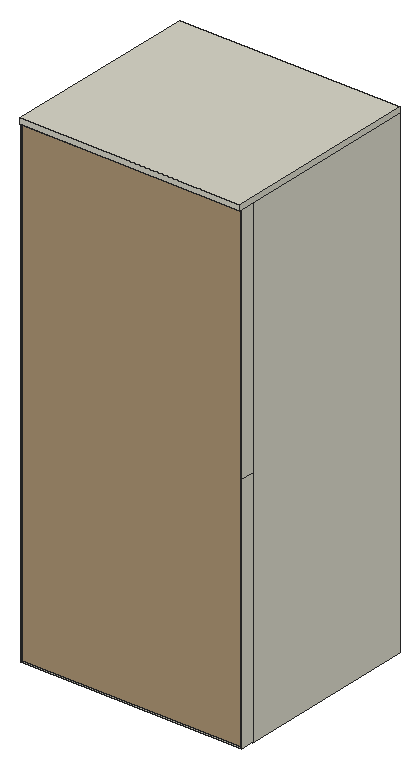
Revit family "bathroom vanity-hansgrohe-54213XXX-Xevolos E Mid-height cabinet Sand Matt Beige 400_360, door hinge left", category Furniture, Revit 2019
Family settings
  OmniClass Number = 23.40.00.00
  OmniClass Title = Equipment and Furnishings
  Work Plane-Based = No
  Always vertical = Yes
  Cut with Voids When Loaded = No
  Shared = Yes
  Room Calculation Point = No
Parameters (values of type "54213390-SAND_MATT_BEIGE-PATTEREND_BRONZE-200")
  etim7_EC011381 = "EC011381"
  WEIGHT = "22.5"
  UNSPSC = "56 | Furniture and Furnishings"
  UNIFORMATII = "E2010 | Fixed Furnishings"
  UNICLASS_2015_CODE = "40_30_78_05"
  UNICLASS2015 = "Pr_40_30_78_05 | Bathroom furniture"
  SURFACE = "PATTEREND_BRONZE"
  REGION = "Worldwide"
  PRODUCTURL = "https://pro.hansgrohe.com/articledetail--54213790"
  PERMALINK = "54213XXX"
  OMNICLASS = "23-21 19 15 33 13 | Residential Bathroom Specialty Casework"
  OBJECTTYPE = "Object (single object)"
  OBERFLAECHE = "SAND_MATT_BEIGE"
  NN = "Mid-height cabinet, door hinge"
  NBSYN = "$ARTNR.-$OBERFLAECHE.-$SURFACE.-$LODLEVEL."
  NB = "54213390-SAND_MATT_BEIGE-PATTEREND_BRONZE-200"
  NAME = "Xevolos E Mid-height cabinet Sand Matt Beige 400/360, door hinge left"
  Model = "54213390-SAND_MATT_BEIGE-PATTEREND_BRONZE-200"
  Manufacturer = "Hansgrohe"
  MIdent = "{$CADENAS_DATA/23d-libs/hansgrohe/xevolos_furniture/xevolos_mid-height_cabinet_door_hinge/mid-height_cabinet_door_hinge.prj},262 {VTYP=3D},{NB=54213390-SAND_MATT_BEIGE-PATTEREND_BRONZE-200},{LINA=54213390-SAND_MATT_BEIGE-PATTEREND_BRONZE-200},{NN=Mid-height cabinet, door hinge},{DATE=13.03.2023 11:42:53},{GEOMDATE=12.03.2023 06:48:00},{VERSION=},{LINEID=40},{WBVAR=LODLEVEL},{WBNUMERIC=}  {NB=54213390-SAND_MATT_BEIGE-PATTEREND_BRONZE-200},{LINA=54213390-SAND_MATT_BEIGE-PATTEREND_BRONZE-200},{KT=DUMMY},{IDNR=4},{ARTNR=54213390},{BASENUMBER=54213},{MODEL=54213XXX},{OBERFLAECHE=SAND_MATT_BEIGE},{SURFACE=PATTEREND_BRONZE},{L=400},{LODLEVEL=200},{LODLEVELX='400','400','200','200'},{NAME=Xevolos E Mid-height cabinet Sand Matt Beige 400/360, door hinge left},{PERMALINK=54213XXX},{OBJECTTYPE=Object (single object)},{BIMOBJECT=Sanitary: Compound units},{COLLECTIONSET=Xevolos E},{COLLECTION=bathroom vanity},{WEIGHT=22.5},{DESCRIPTION=Xevolos E Mid-height cabinet Sand Matt Beige 400/360, door hinge left},{PRODUCTURL=https://pro.hansgrohe.com/articledetail--54213790},{GTINCODE=0},{TENDERURL=0},{IFC=Furnishing element},{ETIM=EC011381 | Bathroom furniture set},{UNICLASS2015=Pr_40_30_78_05 | Bathroom furniture},{OMNICLASS=23-21 19 15 33 13 | Residential Bathroom Specialty Casework},{MASTERFORMAT=12 35 30.23 | Bathroom Casework},{UNSPSC=56 | Furniture and Furnishings},{UNIFORMATII=E2010 | Fixed Furnishings},{REGION=Worldwide},{DESIGN=Germany},{MANUFACTURER=Germany}"
  MASTERFORMAT = "12 35 30.23 | Bathroom Casework"
  LODLEVEL = "200"
  LINA = "54213390-SAND_MATT_BEIGE-PATTEREND_BRONZE-200"
  L = 400
  IFC = "Furnishing element"
  IDNR = 4
  ETIM = "EC011381 | Bathroom furniture set"
  DESIGN = "Germany"
  COLLECTIONSET = "Xevolos E"
  COLLECTION = "bathroom vanity"
  CATALOG = "Hansgrohe"
  BIMOBJECT = "Sanitary: Compound units"
  BASENUMBER = "54213"
  ARTNR = "54213390"
  54213790-SAND_MATT_BEIGE-METALLIC_SAND_BEIGE-400_RX0RY0RZ0TX0TY0TZ0_V = no
  54213790-SAND_MATT_BEIGE-METALLIC_SAND_BEIGE-200_RX0RY0RZ0TX0TY0TZ0_V = no
  54213730-SAND_MATT_BEIGE-DARK_OAK-400_RX0RY0RZ0TX0TY0TZ0_V = no
  54213730-SAND_MATT_BEIGE-DARK_OAK-200_RX0RY0RZ0TX0TY0TZ0_V = no
  54213390-SAND_MATT_BEIGE-PATTEREND_BRONZE-400_RX0RY0RZ0TX0TY0TZ0_V = no
  54213390-SAND_MATT_BEIGE-PATTEREND_BRONZE-200_RX0RY0RZ0TX0TY0TZ0_V = yes
Types (6, lengths in mm): name | SURFACE | NB | Model | MIdent | LODLEVEL | LINA | IDNR | ARTNR | 54213790-SAND_MATT_BEIGE-METALLIC_SAND_BEIGE-400_RX0RY0RZ0TX0TY0TZ0_V | 54213790-SAND_MATT_BEIGE-METALLIC_SAND_BEIGE-200_RX0RY0RZ0TX0TY0TZ0_V | 54213730-SAND_MATT_BEIGE-DARK_OAK-400_RX0RY0RZ0TX0TY0TZ0_V | 54213730-SAND_MATT_BEIGE-DARK_OAK-200_RX0RY0RZ0TX0TY0TZ0_V | 54213390-SAND_MATT_BEIGE-PATTEREND_BRONZE-400_RX0RY0RZ0TX0TY0TZ0_V | 54213390-SAND_MATT_BEIGE-PATTEREND_BRONZE-200_RX0RY0RZ0TX0TY0TZ0_V
  54213390-SAND_MATT_BEIGE-PATTEREND_BRONZE-200 | "PATTEREND_BRONZE" | "54213390-SAND_MATT_BEIGE-PATTEREND_BRONZE-200" | "54213390-SAND_MATT_BEIGE-PATTEREND_BRONZE-200" | "{$CADENAS_DATA/23d-libs/hansgrohe/xevolos_furniture/xevolos_mid-height_cabinet_door_hinge/mid-height_cabinet_door_hinge.prj},262 {VTYP=3D},{NB=54213390-SAND_MATT_BEIGE-PATTEREND_BRONZE-200},{LINA=54213390-SAND_MATT_BEIGE-PATTEREND_BRONZE-200},{NN=Mid-height cabinet, door hinge},{DATE=13.03.2023 11:42:53},{GEOMDATE=12.03.2023 06:48:00},{VERSION=},{LINEID=40},{WBVAR=LODLEVEL},{WBNUMERIC=}  {NB=54213390-SAND_MATT_BEIGE-PATTEREND_BRONZE-200},{LINA=54213390-SAND_MATT_BEIGE-PATTEREND_BRONZE-200},{KT=DUMMY},{IDNR=4},{ARTNR=54213390},{BASENUMBER=54213},{MODEL=54213XXX},{OBERFLAECHE=SAND_MATT_BEIGE},{SURFACE=PATTEREND_BRONZE},{L=400},{LODLEVEL=200},{LODLEVELX='400','400','200','200'},{NAME=Xevolos E Mid-height cabinet Sand Matt Beige 400/360, door hinge left},{PERMALINK=54213XXX},{OBJECTTYPE=Object (single object)},{BIMOBJECT=Sanitary: Compound units},{COLLECTIONSET=Xevolos E},{COLLECTION=bathroom vanity},{WEIGHT=22.5},{DESCRIPTION=Xevolos E Mid-height cabinet Sand Matt Beige 400/360, door hinge left},{PRODUCTURL=https://pro.hansgrohe.com/articledetail--54213790},{GTINCODE=0},{TENDERURL=0},{IFC=Furnishing element},{ETIM=EC011381 | Bathroom furniture set},{UNICLASS2015=Pr_40_30_78_05 | Bathroom furniture},{OMNICLASS=23-21 19 15 33 13 | Residential Bathroom Specialty Casework},{MASTERFORMAT=12 35 30.23 | Bathroom Casework},{UNSPSC=56 | Furniture and Furnishings},{UNIFORMATII=E2010 | Fixed Furnishings},{REGION=Worldwide},{DESIGN=Germany},{MANUFACTURER=Germany}" | "200" | "54213390-SAND_MATT_BEIGE-PATTEREND_BRONZE-200" | 4 | "54213390" | no | no | no | no | no | yes
  54213390-SAND_MATT_BEIGE-PATTEREND_BRONZE-400 | "PATTEREND_BRONZE" | "54213390-SAND_MATT_BEIGE-PATTEREND_BRONZE-400" | "54213390-SAND_MATT_BEIGE-PATTEREND_BRONZE-400" | "{$CADENAS_DATA/23d-libs/hansgrohe/xevolos_furniture/xevolos_mid-height_cabinet_door_hinge/mid-height_cabinet_door_hinge.prj},262 {VTYP=3D},{NB=54213390-SAND_MATT_BEIGE-PATTEREND_BRONZE-400},{LINA=54213390-SAND_MATT_BEIGE-PATTEREND_BRONZE-400},{NN=Mid-height cabinet, door hinge},{DATE=13.03.2023 11:42:53},{GEOMDATE=12.03.2023 06:48:00},{VERSION=},{LINEID=40},{WBVAR=LODLEVEL},{WBNUMERIC=}  {NB=54213390-SAND_MATT_BEIGE-PATTEREND_BRONZE-400},{LINA=54213390-SAND_MATT_BEIGE-PATTEREND_BRONZE-400},{KT=DUMMY},{IDNR=4},{ARTNR=54213390},{BASENUMBER=54213},{MODEL=54213XXX},{OBERFLAECHE=SAND_MATT_BEIGE},{SURFACE=PATTEREND_BRONZE},{L=400},{LODLEVEL=400},{LODLEVELX='400','400','200','200'},{NAME=Xevolos E Mid-height cabinet Sand Matt Beige 400/360, door hinge left},{PERMALINK=54213XXX},{OBJECTTYPE=Object (single object)},{BIMOBJECT=Sanitary: Compound units},{COLLECTIONSET=Xevolos E},{COLLECTION=bathroom vanity},{WEIGHT=22.5},{DESCRIPTION=Xevolos E Mid-height cabinet Sand Matt Beige 400/360, door hinge left},{PRODUCTURL=https://pro.hansgrohe.com/articledetail--54213790},{GTINCODE=0},{TENDERURL=0},{IFC=Furnishing element},{ETIM=EC011381 | Bathroom furniture set},{UNICLASS2015=Pr_40_30_78_05 | Bathroom furniture},{OMNICLASS=23-21 19 15 33 13 | Residential Bathroom Specialty Casework},{MASTERFORMAT=12 35 30.23 | Bathroom Casework},{UNSPSC=56 | Furniture and Furnishings},{UNIFORMATII=E2010 | Fixed Furnishings},{REGION=Worldwide},{DESIGN=Germany},{MANUFACTURER=Germany}" | "400" | "54213390-SAND_MATT_BEIGE-PATTEREND_BRONZE-400" | 4 | "54213390" | no | no | no | no | yes | no
  54213730-SAND_MATT_BEIGE-DARK_OAK-200 | "DARK_OAK" | "54213730-SAND_MATT_BEIGE-DARK_OAK-200" | "54213730-SAND_MATT_BEIGE-DARK_OAK-200" | "{$CADENAS_DATA/23d-libs/hansgrohe/xevolos_furniture/xevolos_mid-height_cabinet_door_hinge/mid-height_cabinet_door_hinge.prj},246 {VTYP=3D},{NB=54213730-SAND_MATT_BEIGE-DARK_OAK-200},{LINA=54213730-SAND_MATT_BEIGE-DARK_OAK-200},{NN=Mid-height cabinet, door hinge},{DATE=13.03.2023 11:42:53},{GEOMDATE=12.03.2023 06:48:00},{VERSION=},{LINEID=50},{WBVAR=LODLEVEL},{WBNUMERIC=}  {NB=54213730-SAND_MATT_BEIGE-DARK_OAK-200},{LINA=54213730-SAND_MATT_BEIGE-DARK_OAK-200},{KT=DUMMY},{IDNR=5},{ARTNR=54213730},{BASENUMBER=54213},{MODEL=54213XXX},{OBERFLAECHE=SAND_MATT_BEIGE},{SURFACE=DARK_OAK},{L=400},{LODLEVEL=200},{LODLEVELX='400','400','200','200'},{NAME=Xevolos E Mid-height cabinet Sand Matt Beige 400/360, door hinge left},{PERMALINK=54213XXX},{OBJECTTYPE=Object (single object)},{BIMOBJECT=Sanitary: Compound units},{COLLECTIONSET=Xevolos E},{COLLECTION=bathroom vanity},{WEIGHT=22.5},{DESCRIPTION=Xevolos E Mid-height cabinet Sand Matt Beige 400/360, door hinge left},{PRODUCTURL=https://pro.hansgrohe.com/articledetail--54213790},{GTINCODE=0},{TENDERURL=0},{IFC=Furnishing element},{ETIM=EC011381 | Bathroom furniture set},{UNICLASS2015=Pr_40_30_78_05 | Bathroom furniture},{OMNICLASS=23-21 19 15 33 13 | Residential Bathroom Specialty Casework},{MASTERFORMAT=12 35 30.23 | Bathroom Casework},{UNSPSC=56 | Furniture and Furnishings},{UNIFORMATII=E2010 | Fixed Furnishings},{REGION=Worldwide},{DESIGN=Germany},{MANUFACTURER=Germany}" | "200" | "54213730-SAND_MATT_BEIGE-DARK_OAK-200" | 5 | "54213730" | no | no | no | yes | no | no
  54213730-SAND_MATT_BEIGE-DARK_OAK-400 | "DARK_OAK" | "54213730-SAND_MATT_BEIGE-DARK_OAK-400" | "54213730-SAND_MATT_BEIGE-DARK_OAK-400" | "{$CADENAS_DATA/23d-libs/hansgrohe/xevolos_furniture/xevolos_mid-height_cabinet_door_hinge/mid-height_cabinet_door_hinge.prj},246 {VTYP=3D},{NB=54213730-SAND_MATT_BEIGE-DARK_OAK-400},{LINA=54213730-SAND_MATT_BEIGE-DARK_OAK-400},{NN=Mid-height cabinet, door hinge},{DATE=13.03.2023 11:42:53},{GEOMDATE=12.03.2023 06:48:00},{VERSION=},{LINEID=50},{WBVAR=LODLEVEL},{WBNUMERIC=}  {NB=54213730-SAND_MATT_BEIGE-DARK_OAK-400},{LINA=54213730-SAND_MATT_BEIGE-DARK_OAK-400},{KT=DUMMY},{IDNR=5},{ARTNR=54213730},{BASENUMBER=54213},{MODEL=54213XXX},{OBERFLAECHE=SAND_MATT_BEIGE},{SURFACE=DARK_OAK},{L=400},{LODLEVEL=400},{LODLEVELX='400','400','200','200'},{NAME=Xevolos E Mid-height cabinet Sand Matt Beige 400/360, door hinge left},{PERMALINK=54213XXX},{OBJECTTYPE=Object (single object)},{BIMOBJECT=Sanitary: Compound units},{COLLECTIONSET=Xevolos E},{COLLECTION=bathroom vanity},{WEIGHT=22.5},{DESCRIPTION=Xevolos E Mid-height cabinet Sand Matt Beige 400/360, door hinge left},{PRODUCTURL=https://pro.hansgrohe.com/articledetail--54213790},{GTINCODE=0},{TENDERURL=0},{IFC=Furnishing element},{ETIM=EC011381 | Bathroom furniture set},{UNICLASS2015=Pr_40_30_78_05 | Bathroom furniture},{OMNICLASS=23-21 19 15 33 13 | Residential Bathroom Specialty Casework},{MASTERFORMAT=12 35 30.23 | Bathroom Casework},{UNSPSC=56 | Furniture and Furnishings},{UNIFORMATII=E2010 | Fixed Furnishings},{REGION=Worldwide},{DESIGN=Germany},{MANUFACTURER=Germany}" | "400" | "54213730-SAND_MATT_BEIGE-DARK_OAK-400" | 5 | "54213730" | no | no | yes | no | no | no
  54213790-SAND_MATT_BEIGE-METALLIC_SAND_BEIGE-200 | "METALLIC_SAND_BEIGE" | "54213790-SAND_MATT_BEIGE-METALLIC_SAND_BEIGE-200" | "54213790-SAND_MATT_BEIGE-METALLIC_SAND_BEIGE-200" | "{$CADENAS_DATA/23d-libs/hansgrohe/xevolos_furniture/xevolos_mid-height_cabinet_door_hinge/mid-height_cabinet_door_hinge.prj},268 {VTYP=3D},{NB=54213790-SAND_MATT_BEIGE-METALLIC_SAND_BEIGE-200},{LINA=54213790-SAND_MATT_BEIGE-METALLIC_SAND_BEIGE-200},{NN=Mid-height cabinet, door hinge},{DATE=13.03.2023 11:42:53},{GEOMDATE=12.03.2023 06:48:00},{VERSION=},{LINEID=60},{WBVAR=LODLEVEL},{WBNUMERIC=}  {NB=54213790-SAND_MATT_BEIGE-METALLIC_SAND_BEIGE-200},{LINA=54213790-SAND_MATT_BEIGE-METALLIC_SAND_BEIGE-200},{KT=DUMMY},{IDNR=6},{ARTNR=54213790},{BASENUMBER=54213},{MODEL=54213XXX},{OBERFLAECHE=SAND_MATT_BEIGE},{SURFACE=METALLIC_SAND_BEIGE},{L=400},{LODLEVEL=200},{LODLEVELX='400','400','200','200'},{NAME=Xevolos E Mid-height cabinet Sand Matt Beige 400/360, door hinge left},{PERMALINK=54213XXX},{OBJECTTYPE=Object (single object)},{BIMOBJECT=Sanitary: Compound units},{COLLECTIONSET=Xevolos E},{COLLECTION=bathroom vanity},{WEIGHT=22.5},{DESCRIPTION=Xevolos E Mid-height cabinet Sand Matt Beige 400/360, door hinge left},{PRODUCTURL=https://pro.hansgrohe.com/articledetail--54213790},{GTINCODE=0},{TENDERURL=0},{IFC=Furnishing element},{ETIM=EC011381 | Bathroom furniture set},{UNICLASS2015=Pr_40_30_78_05 | Bathroom furniture},{OMNICLASS=23-21 19 15 33 13 | Residential Bathroom Specialty Casework},{MASTERFORMAT=12 35 30.23 | Bathroom Casework},{UNSPSC=56 | Furniture and Furnishings},{UNIFORMATII=E2010 | Fixed Furnishings},{REGION=Worldwide},{DESIGN=Germany},{MANUFACTURER=Germany}" | "200" | "54213790-SAND_MATT_BEIGE-METALLIC_SAND_BEIGE-200" | 6 | "54213790" | no | yes | no | no | no | no
  54213790-SAND_MATT_BEIGE-METALLIC_SAND_BEIGE-400 | "METALLIC_SAND_BEIGE" | "54213790-SAND_MATT_BEIGE-METALLIC_SAND_BEIGE-400" | "54213790-SAND_MATT_BEIGE-METALLIC_SAND_BEIGE-400" | "{$CADENAS_DATA/23d-libs/hansgrohe/xevolos_furniture/xevolos_mid-height_cabinet_door_hinge/mid-height_cabinet_door_hinge.prj},268 {VTYP=3D},{NB=54213790-SAND_MATT_BEIGE-METALLIC_SAND_BEIGE-400},{LINA=54213790-SAND_MATT_BEIGE-METALLIC_SAND_BEIGE-400},{NN=Mid-height cabinet, door hinge},{DATE=13.03.2023 11:42:53},{GEOMDATE=12.03.2023 06:48:00},{VERSION=},{LINEID=60},{WBVAR=LODLEVEL},{WBNUMERIC=}  {NB=54213790-SAND_MATT_BEIGE-METALLIC_SAND_BEIGE-400},{LINA=54213790-SAND_MATT_BEIGE-METALLIC_SAND_BEIGE-400},{KT=DUMMY},{IDNR=6},{ARTNR=54213790},{BASENUMBER=54213},{MODEL=54213XXX},{OBERFLAECHE=SAND_MATT_BEIGE},{SURFACE=METALLIC_SAND_BEIGE},{L=400},{LODLEVEL=400},{LODLEVELX='400','400','200','200'},{NAME=Xevolos E Mid-height cabinet Sand Matt Beige 400/360, door hinge left},{PERMALINK=54213XXX},{OBJECTTYPE=Object (single object)},{BIMOBJECT=Sanitary: Compound units},{COLLECTIONSET=Xevolos E},{COLLECTION=bathroom vanity},{WEIGHT=22.5},{DESCRIPTION=Xevolos E Mid-height cabinet Sand Matt Beige 400/360, door hinge left},{PRODUCTURL=https://pro.hansgrohe.com/articledetail--54213790},{GTINCODE=0},{TENDERURL=0},{IFC=Furnishing element},{ETIM=EC011381 | Bathroom furniture set},{UNICLASS2015=Pr_40_30_78_05 | Bathroom furniture},{OMNICLASS=23-21 19 15 33 13 | Residential Bathroom Specialty Casework},{MASTERFORMAT=12 35 30.23 | Bathroom Casework},{UNSPSC=56 | Furniture and Furnishings},{UNIFORMATII=E2010 | Fixed Furnishings},{REGION=Worldwide},{DESIGN=Germany},{MANUFACTURER=Germany}" | "400" | "54213790-SAND_MATT_BEIGE-METALLIC_SAND_BEIGE-400" | 6 | "54213790" | yes | no | no | no | no | no
Reference planes
  plane 1 "Center (Front/Back)": y = 0
  plane 2: z = 0
  plane 3 "Center (Left/Right)": x = 0
Dimensions and locks
  aligned and locked: level to plane 2
Nested families
  nested 1: "54213390-sand_matt_beige-patterend_bronze-200_content" at (0, 0, 0), visible <- "54213390-SAND_MATT_BEIGE-PATTEREND_BRONZE-200_RX0RY0RZ0TX0TY0TZ0_V", ContentVisible <- "54213390-SAND_MATT_BEIGE-PATTEREND_BRONZE-200_RX0RY0RZ0TX0TY0TZ0_V", type "54213390-SAND_MATT_BEIGE-PATTEREND_BRONZE-200_Content"
    with ContentVisible yes
  nested 2: "54213390-sand_matt_beige-patterend_bronze-400_content" at (0, 0, 0), visible <- "54213390-SAND_MATT_BEIGE-PATTEREND_BRONZE-400_RX0RY0RZ0TX0TY0TZ0_V", ContentVisible <- "54213390-SAND_MATT_BEIGE-PATTEREND_BRONZE-400_RX0RY0RZ0TX0TY0TZ0_V", type "54213390-SAND_MATT_BEIGE-PATTEREND_BRONZE-400_Content"
    with ContentVisible no
  nested 3: "54213730-sand_matt_beige-dark_oak-200_content" at (0, 0, 0), visible <- "54213730-SAND_MATT_BEIGE-DARK_OAK-200_RX0RY0RZ0TX0TY0TZ0_V", ContentVisible <- "54213730-SAND_MATT_BEIGE-DARK_OAK-200_RX0RY0RZ0TX0TY0TZ0_V", type "54213730-SAND_MATT_BEIGE-DARK_OAK-200_Content"
    with ContentVisible no
  nested 4: "54213730-sand_matt_beige-dark_oak-400_content" at (0, 0, 0), visible <- "54213730-SAND_MATT_BEIGE-DARK_OAK-400_RX0RY0RZ0TX0TY0TZ0_V", ContentVisible <- "54213730-SAND_MATT_BEIGE-DARK_OAK-400_RX0RY0RZ0TX0TY0TZ0_V", type "54213730-SAND_MATT_BEIGE-DARK_OAK-400_Content"
    with ContentVisible no
  nested 5: "54213790-sand_matt_beige-metallic_sand_beige-200_content" at (0, 0, 0), visible <- "54213790-SAND_MATT_BEIGE-METALLIC_SAND_BEIGE-200_RX0RY0RZ0TX0TY0TZ0_V", ContentVisible <- "54213790-SAND_MATT_BEIGE-METALLIC_SAND_BEIGE-200_RX0RY0RZ0TX0TY0TZ0_V", type "54213790-SAND_MATT_BEIGE-METALLIC_SAND_BEIGE-200_Content"
    with ContentVisible no
  nested 6: "54213790-sand_matt_beige-metallic_sand_beige-400_content" at (0, 0, 0), visible <- "54213790-SAND_MATT_BEIGE-METALLIC_SAND_BEIGE-400_RX0RY0RZ0TX0TY0TZ0_V", ContentVisible <- "54213790-SAND_MATT_BEIGE-METALLIC_SAND_BEIGE-400_RX0RY0RZ0TX0TY0TZ0_V", type "54213790-SAND_MATT_BEIGE-METALLIC_SAND_BEIGE-400_Content"
    with ContentVisible no
Definition of nested family "54213390-sand_matt_beige-patterend_bronze-200_content"
  Parameters (values of type "54213390-SAND_MATT_BEIGE-PATTEREND_BRONZE-200_Content")
    etim7_EC011381 = "EC011381"
    WEIGHT = "22.5"
    UNSPSC = "56 | Furniture and Furnishings"
    UNIFORMATII = "E2010 | Fixed Furnishings"
    UNICLASS_2015_CODE = "40_30_78_05"
    UNICLASS2015 = "Pr_40_30_78_05 | Bathroom furniture"
    SURFACE = "PATTEREND_BRONZE"
    REGION = "Worldwide"
    PRODUCTURL = "https://pro.hansgrohe.com/articledetail--54213790"
    PERMALINK = "54213XXX"
    OMNICLASS = "23-21 19 15 33 13 | Residential Bathroom Specialty Casework"
    OBJECTTYPE = "Object (single object)"
    OBERFLAECHE = "SAND_MATT_BEIGE"
    NN = "Mid-height cabinet, door hinge"
    NBSYN = "$ARTNR.-$OBERFLAECHE.-$SURFACE.-$LODLEVEL."
    NB = "54213390-SAND_MATT_BEIGE-PATTEREND_BRONZE-200"
    NAME = "Xevolos E Mid-height cabinet Sand Matt Beige 400/360, door hinge left"
    Model = "54213390-SAND_MATT_BEIGE-PATTEREND_BRONZE-200"
    Manufacturer = "Hansgrohe"
    MASTERFORMAT = "12 35 30.23 | Bathroom Casework"
    LODLEVEL = "200"
    LINA = "54213390-SAND_MATT_BEIGE-PATTEREND_BRONZE-200"
    L = 400
    IFC = "Furnishing element"
    IDNR = 4
    ETIM = "EC011381 | Bathroom furniture set"
    Default Elevation = 1219.2 mm
    DESIGN = "Germany"
    ContentVisible [instance] = yes
    COLLECTIONSET = "Xevolos E"
    COLLECTION = "bathroom vanity"
    CATALOG = "Hansgrohe"
    BIMOBJECT = "Sanitary: Compound units"
    BASENUMBER = "54213"
    ARTNR = "54213390"
  Reference planes
    plane 1 "Center (Front/Back)": y = 0
    plane 2: z = 0
    plane 3 "Center (Left/Right)": x = 0
  Forms (mm)
    Extrusion 1, solid, visible <- "ContentVisible", detail levels medium+fine
      sketch origin (0, 0, 0) x (1, 0, 0) y (0, 1, 0)
        loop
          line (-200, 0) -> (-200, -334.5) -> (200, -334.5) -> (200, 0) -> (-200, 0)
      from 0 to 878
    Extrusion 2, solid, visible <- "ContentVisible", detail levels medium+fine
      sketch origin (0, -334.5, 0) x (1, 0, 0) y (0, 0, -1)
        loop
          line (-200, -2) -> (-200, -440) -> (-198, -440) -> (-198, -4) -> (198, -4) -> (198, -440) -> (200, -440) -> (200, -2) -> (-200, -2)
      from -24.75 to 0
    Extrusion 3, solid, visible <- "ContentVisible", detail levels medium+fine
      sketch origin (0, -334.5, 0) x (1, 0, 0) y (0, 0, -1)
        loop
          line (-200, -440) -> (-200, -878) -> (200, -878) -> (200, -440) -> (198, -440) -> (198, -876) -> (-198, -876) -> (-198, -440) -> (-200, -440)
      from -24.75 to 0
    Extrusion 4, solid, visible <- "ContentVisible", detail levels medium+fine
      sketch origin (0, -334.5, 0) x (1, 0, 0) y (0, 0, -1)
        loop
          line (-198, -4) -> (-198, -876) -> (198, -876) -> (198, -4) -> (-198, -4)
      from -24.75 to 0
    Extrusion 5, solid, visible <- "ContentVisible", detail levels medium+fine
      sketch origin (0, 0, 878) x (1, 0, 0) y (0, 1, 0)
        loop
          line (-200, -362) -> (200, -362) -> (200, 0) -> (-200, 0) -> (-200, -362)
      from 0 to 10
    Extrusion 6, solid, visible <- "ContentVisible", detail levels coarse
      sketch origin (0, -181, 0) x (1, 0, 0) y (0, 1, 0)
        loop
          line (-200, -181) -> (200, -181) -> (200, 181) -> (-200, 181) -> (-200, -181)
      from 0 to 888
  Dimensions and locks
    aligned and locked: level to plane 2
Definition of nested family "54213390-sand_matt_beige-patterend_bronze-400_content"
  Parameters (values of type "54213390-SAND_MATT_BEIGE-PATTEREND_BRONZE-400_Content")
    etim7_EC011381 = "EC011381"
    WEIGHT = "22.5"
    UNSPSC = "56 | Furniture and Furnishings"
    UNIFORMATII = "E2010 | Fixed Furnishings"
    UNICLASS_2015_CODE = "40_30_78_05"
    UNICLASS2015 = "Pr_40_30_78_05 | Bathroom furniture"
    SURFACE = "PATTEREND_BRONZE"
    REGION = "Worldwide"
    PRODUCTURL = "https://pro.hansgrohe.com/articledetail--54213790"
    PERMALINK = "54213XXX"
    OMNICLASS = "23-21 19 15 33 13 | Residential Bathroom Specialty Casework"
    OBJECTTYPE = "Object (single object)"
    OBERFLAECHE = "SAND_MATT_BEIGE"
    NN = "Mid-height cabinet, door hinge"
    NBSYN = "$ARTNR.-$OBERFLAECHE.-$SURFACE.-$LODLEVEL."
    NB = "54213390-SAND_MATT_BEIGE-PATTEREND_BRONZE-400"
    NAME = "Xevolos E Mid-height cabinet Sand Matt Beige 400/360, door hinge left"
    Model = "54213390-SAND_MATT_BEIGE-PATTEREND_BRONZE-400"
    Manufacturer = "Hansgrohe"
    MASTERFORMAT = "12 35 30.23 | Bathroom Casework"
    LODLEVEL = "400"
    LINA = "54213390-SAND_MATT_BEIGE-PATTEREND_BRONZE-400"
    L = 400
    IFC = "Furnishing element"
    IDNR = 4
    ETIM = "EC011381 | Bathroom furniture set"
    Default Elevation = 1219.2 mm
    DESIGN = "Germany"
    ContentVisible [instance] = yes
    COLLECTIONSET = "Xevolos E"
    COLLECTION = "bathroom vanity"
    CATALOG = "Hansgrohe"
    BIMOBJECT = "Sanitary: Compound units"
    BASENUMBER = "54213"
    ARTNR = "54213390"
  Reference planes
    plane 1 "Center (Front/Back)": y = 0
    plane 2: z = 0
    plane 3 "Center (Left/Right)": x = 0
  Forms (mm)
    Extrusion 1, solid, visible <- "ContentVisible", detail levels medium+fine
      sketch origin (0, 0, 0) x (1, 0, 0) y (0, 1, 0)
        loop
          line (-200, 0) -> (-200, -334.5) -> (200, -334.5) -> (200, 0) -> (184, 0) -> (184, -16.8) -> (-184, -16.8) -> (-184, 0) -> (-200, 0)
      from 0 to 878
    Extrusion 2, solid, visible <- "ContentVisible", detail levels medium+fine
      sketch origin (0, -334.5, 0) x (1, 0, 0) y (0, 0, -1)
        loop
          line (-200, -2) -> (-200, -440) -> (-198, -440) -> (-198, -4) -> (198, -4) -> (198, -440) -> (200, -440) -> (200, -2) -> (-200, -2)
      from -24.75 to 0
    Extrusion 3, solid, visible <- "ContentVisible", detail levels medium+fine
      sketch origin (0, -334.5, 0) x (1, 0, 0) y (0, 0, -1)
        loop
          line (-200, -440) -> (-200, -878) -> (200, -878) -> (200, -440) -> (198, -440) -> (198, -876) -> (-198, -876) -> (-198, -440) -> (-200, -440)
      from -24.75 to 0
    Extrusion 4, solid, visible <- "ContentVisible", detail levels medium+fine
      sketch origin (0, -334.5, 0) x (1, 0, 0) y (0, 0, -1)
        loop
          line (-198, -4) -> (-198, -876) -> (198, -876) -> (198, -4) -> (-198, -4)
      from -24.75 to 0
    Extrusion 5, solid, visible <- "ContentVisible", detail levels medium+fine
      sketch origin (0, 0, 878) x (1, 0, 0) y (0, 1, 0)
        loop
          line (-200, -362) -> (200, -362) -> (200, 0) -> (-200, 0) -> (-200, -362)
      from 0 to 10
    Extrusion 6, solid, visible <- "ContentVisible", detail levels coarse
      sketch origin (0, -181, 0) x (1, 0, 0) y (0, 1, 0)
        loop
          line (-200, -181) -> (200, -181) -> (200, 181) -> (-200, 181) -> (-200, -181)
      from 0 to 888
  Dimensions and locks
    aligned and locked: level to plane 2
Definition of nested family "54213730-sand_matt_beige-dark_oak-200_content"
  Parameters (values of type "54213730-SAND_MATT_BEIGE-DARK_OAK-200_Content")
    etim7_EC011381 = "EC011381"
    WEIGHT = "22.5"
    UNSPSC = "56 | Furniture and Furnishings"
    UNIFORMATII = "E2010 | Fixed Furnishings"
    UNICLASS_2015_CODE = "40_30_78_05"
    UNICLASS2015 = "Pr_40_30_78_05 | Bathroom furniture"
    SURFACE = "DARK_OAK"
    REGION = "Worldwide"
    PRODUCTURL = "https://pro.hansgrohe.com/articledetail--54213790"
    PERMALINK = "54213XXX"
    OMNICLASS = "23-21 19 15 33 13 | Residential Bathroom Specialty Casework"
    OBJECTTYPE = "Object (single object)"
    OBERFLAECHE = "SAND_MATT_BEIGE"
    NN = "Mid-height cabinet, door hinge"
    NBSYN = "$ARTNR.-$OBERFLAECHE.-$SURFACE.-$LODLEVEL."
    NB = "54213730-SAND_MATT_BEIGE-DARK_OAK-200"
    NAME = "Xevolos E Mid-height cabinet Sand Matt Beige 400/360, door hinge left"
    Model = "54213730-SAND_MATT_BEIGE-DARK_OAK-200"
    Manufacturer = "Hansgrohe"
    MASTERFORMAT = "12 35 30.23 | Bathroom Casework"
    LODLEVEL = "200"
    LINA = "54213730-SAND_MATT_BEIGE-DARK_OAK-200"
    L = 400
    IFC = "Furnishing element"
    IDNR = 5
    ETIM = "EC011381 | Bathroom furniture set"
    Default Elevation = 1219.2 mm
    DESIGN = "Germany"
    ContentVisible [instance] = yes
    COLLECTIONSET = "Xevolos E"
    COLLECTION = "bathroom vanity"
    CATALOG = "Hansgrohe"
    BIMOBJECT = "Sanitary: Compound units"
    BASENUMBER = "54213"
    ARTNR = "54213730"
  Reference planes
    plane 1 "Center (Front/Back)": y = 0
    plane 2: z = 0
    plane 3 "Center (Left/Right)": x = 0
  Forms (mm)
    Extrusion 1, solid, visible <- "ContentVisible", detail levels medium+fine
      sketch origin (0, 0, 0) x (1, 0, 0) y (0, 1, 0)
        loop
          line (-200, 0) -> (-200, -334.5) -> (200, -334.5) -> (200, 0) -> (-200, 0)
      from 0 to 878
    Extrusion 2, solid, visible <- "ContentVisible", detail levels medium+fine
      sketch origin (0, -334.5, 0) x (1, 0, 0) y (0, 0, -1)
        loop
          line (-200, -2) -> (-200, -440) -> (-198, -440) -> (-198, -4) -> (198, -4) -> (198, -440) -> (200, -440) -> (200, -2) -> (-200, -2)
      from -24.75 to 0
    Extrusion 3, solid, visible <- "ContentVisible", detail levels medium+fine
      sketch origin (0, -334.5, 0) x (1, 0, 0) y (0, 0, -1)
        loop
          line (-200, -440) -> (-200, -878) -> (200, -878) -> (200, -440) -> (198, -440) -> (198, -876) -> (-198, -876) -> (-198, -440) -> (-200, -440)
      from -24.75 to 0
    Extrusion 4, solid, visible <- "ContentVisible", detail levels medium+fine
      sketch origin (0, -334.5, 0) x (1, 0, 0) y (0, 0, -1)
        loop
          line (-198, -4) -> (-198, -876) -> (198, -876) -> (198, -4) -> (-198, -4)
      from -24.75 to 0
    Extrusion 5, solid, visible <- "ContentVisible", detail levels medium+fine
      sketch origin (0, 0, 878) x (1, 0, 0) y (0, 1, 0)
        loop
          line (-200, -362) -> (200, -362) -> (200, 0) -> (-200, 0) -> (-200, -362)
      from 0 to 10
    Extrusion 6, solid, visible <- "ContentVisible", detail levels coarse
      sketch origin (0, -181, 0) x (1, 0, 0) y (0, 1, 0)
        loop
          line (-200, -181) -> (200, -181) -> (200, 181) -> (-200, 181) -> (-200, -181)
      from 0 to 888
  Dimensions and locks
    aligned and locked: level to plane 2
Definition of nested family "54213730-sand_matt_beige-dark_oak-400_content"
  Parameters (values of type "54213730-SAND_MATT_BEIGE-DARK_OAK-400_Content")
    etim7_EC011381 = "EC011381"
    WEIGHT = "22.5"
    UNSPSC = "56 | Furniture and Furnishings"
    UNIFORMATII = "E2010 | Fixed Furnishings"
    UNICLASS_2015_CODE = "40_30_78_05"
    UNICLASS2015 = "Pr_40_30_78_05 | Bathroom furniture"
    SURFACE = "DARK_OAK"
    REGION = "Worldwide"
    PRODUCTURL = "https://pro.hansgrohe.com/articledetail--54213790"
    PERMALINK = "54213XXX"
    OMNICLASS = "23-21 19 15 33 13 | Residential Bathroom Specialty Casework"
    OBJECTTYPE = "Object (single object)"
    OBERFLAECHE = "SAND_MATT_BEIGE"
    NN = "Mid-height cabinet, door hinge"
    NBSYN = "$ARTNR.-$OBERFLAECHE.-$SURFACE.-$LODLEVEL."
    NB = "54213730-SAND_MATT_BEIGE-DARK_OAK-400"
    NAME = "Xevolos E Mid-height cabinet Sand Matt Beige 400/360, door hinge left"
    Model = "54213730-SAND_MATT_BEIGE-DARK_OAK-400"
    Manufacturer = "Hansgrohe"
    MASTERFORMAT = "12 35 30.23 | Bathroom Casework"
    LODLEVEL = "400"
    LINA = "54213730-SAND_MATT_BEIGE-DARK_OAK-400"
    L = 400
    IFC = "Furnishing element"
    IDNR = 5
    ETIM = "EC011381 | Bathroom furniture set"
    Default Elevation = 1219.2 mm
    DESIGN = "Germany"
    ContentVisible [instance] = yes
    COLLECTIONSET = "Xevolos E"
    COLLECTION = "bathroom vanity"
    CATALOG = "Hansgrohe"
    BIMOBJECT = "Sanitary: Compound units"
    BASENUMBER = "54213"
    ARTNR = "54213730"
  Reference planes
    plane 1 "Center (Front/Back)": y = 0
    plane 2: z = 0
    plane 3 "Center (Left/Right)": x = 0
  Forms (mm)
    Extrusion 1, solid, visible <- "ContentVisible", detail levels medium+fine
      sketch origin (0, 0, 0) x (1, 0, 0) y (0, 1, 0)
        loop
          line (-200, 0) -> (-200, -334.5) -> (200, -334.5) -> (200, 0) -> (184, 0) -> (184, -16.8) -> (-184, -16.8) -> (-184, 0) -> (-200, 0)
      from 0 to 878
    Extrusion 2, solid, visible <- "ContentVisible", detail levels medium+fine
      sketch origin (0, -334.5, 0) x (1, 0, 0) y (0, 0, -1)
        loop
          line (-200, -2) -> (-200, -440) -> (-198, -440) -> (-198, -4) -> (198, -4) -> (198, -440) -> (200, -440) -> (200, -2) -> (-200, -2)
      from -24.75 to 0
    Extrusion 3, solid, visible <- "ContentVisible", detail levels medium+fine
      sketch origin (0, -334.5, 0) x (1, 0, 0) y (0, 0, -1)
        loop
          line (-200, -440) -> (-200, -878) -> (200, -878) -> (200, -440) -> (198, -440) -> (198, -876) -> (-198, -876) -> (-198, -440) -> (-200, -440)
      from -24.75 to 0
    Extrusion 4, solid, visible <- "ContentVisible", detail levels medium+fine
      sketch origin (0, -334.5, 0) x (1, 0, 0) y (0, 0, -1)
        loop
          line (-198, -4) -> (-198, -876) -> (198, -876) -> (198, -4) -> (-198, -4)
      from -24.75 to 0
    Extrusion 5, solid, visible <- "ContentVisible", detail levels medium+fine
      sketch origin (0, 0, 878) x (1, 0, 0) y (0, 1, 0)
        loop
          line (-200, -362) -> (200, -362) -> (200, 0) -> (-200, 0) -> (-200, -362)
      from 0 to 10
    Extrusion 6, solid, visible <- "ContentVisible", detail levels coarse
      sketch origin (0, -181, 0) x (1, 0, 0) y (0, 1, 0)
        loop
          line (-200, -181) -> (200, -181) -> (200, 181) -> (-200, 181) -> (-200, -181)
      from 0 to 888
  Dimensions and locks
    aligned and locked: level to plane 2
Definition of nested family "54213790-sand_matt_beige-metallic_sand_beige-200_content"
  Parameters (values of type "54213790-SAND_MATT_BEIGE-METALLIC_SAND_BEIGE-200_Content")
    etim7_EC011381 = "EC011381"
    WEIGHT = "22.5"
    UNSPSC = "56 | Furniture and Furnishings"
    UNIFORMATII = "E2010 | Fixed Furnishings"
    UNICLASS_2015_CODE = "40_30_78_05"
    UNICLASS2015 = "Pr_40_30_78_05 | Bathroom furniture"
    SURFACE = "METALLIC_SAND_BEIGE"
    REGION = "Worldwide"
    PRODUCTURL = "https://pro.hansgrohe.com/articledetail--54213790"
    PERMALINK = "54213XXX"
    OMNICLASS = "23-21 19 15 33 13 | Residential Bathroom Specialty Casework"
    OBJECTTYPE = "Object (single object)"
    OBERFLAECHE = "SAND_MATT_BEIGE"
    NN = "Mid-height cabinet, door hinge"
    NBSYN = "$ARTNR.-$OBERFLAECHE.-$SURFACE.-$LODLEVEL."
    NB = "54213790-SAND_MATT_BEIGE-METALLIC_SAND_BEIGE-200"
    NAME = "Xevolos E Mid-height cabinet Sand Matt Beige 400/360, door hinge left"
    Model = "54213790-SAND_MATT_BEIGE-METALLIC_SAND_BEIGE-200"
    Manufacturer = "Hansgrohe"
    MASTERFORMAT = "12 35 30.23 | Bathroom Casework"
    LODLEVEL = "200"
    LINA = "54213790-SAND_MATT_BEIGE-METALLIC_SAND_BEIGE-200"
    L = 400
    IFC = "Furnishing element"
    IDNR = 6
    ETIM = "EC011381 | Bathroom furniture set"
    Default Elevation = 1219.2 mm
    DESIGN = "Germany"
    ContentVisible [instance] = yes
    COLLECTIONSET = "Xevolos E"
    COLLECTION = "bathroom vanity"
    CATALOG = "Hansgrohe"
    BIMOBJECT = "Sanitary: Compound units"
    BASENUMBER = "54213"
    ARTNR = "54213790"
  Reference planes
    plane 1 "Center (Front/Back)": y = 0
    plane 2: z = 0
    plane 3 "Center (Left/Right)": x = 0
  Forms (mm)
    Extrusion 1, solid, visible <- "ContentVisible", detail levels medium+fine
      sketch origin (0, 0, 0) x (1, 0, 0) y (0, 1, 0)
        loop
          line (-200, 0) -> (-200, -334.5) -> (200, -334.5) -> (200, 0) -> (-200, 0)
      from 0 to 878
    Extrusion 2, solid, visible <- "ContentVisible", detail levels medium+fine
      sketch origin (0, -334.5, 0) x (1, 0, 0) y (0, 0, -1)
        loop
          line (-200, -2) -> (-200, -440) -> (-198, -440) -> (-198, -4) -> (198, -4) -> (198, -440) -> (200, -440) -> (200, -2) -> (-200, -2)
      from -24.75 to 0
    Extrusion 3, solid, visible <- "ContentVisible", detail levels medium+fine
      sketch origin (0, -334.5, 0) x (1, 0, 0) y (0, 0, -1)
        loop
          line (-200, -440) -> (-200, -878) -> (200, -878) -> (200, -440) -> (198, -440) -> (198, -876) -> (-198, -876) -> (-198, -440) -> (-200, -440)
      from -24.75 to 0
    Extrusion 4, solid, visible <- "ContentVisible", detail levels medium+fine
      sketch origin (0, -334.5, 0) x (1, 0, 0) y (0, 0, -1)
        loop
          line (-198, -4) -> (-198, -876) -> (198, -876) -> (198, -4) -> (-198, -4)
      from -24.75 to 0
    Extrusion 5, solid, visible <- "ContentVisible", detail levels medium+fine
      sketch origin (0, 0, 878) x (1, 0, 0) y (0, 1, 0)
        loop
          line (-200, -362) -> (200, -362) -> (200, 0) -> (-200, 0) -> (-200, -362)
      from 0 to 10
    Extrusion 6, solid, visible <- "ContentVisible", detail levels coarse
      sketch origin (0, -181, 0) x (1, 0, 0) y (0, 1, 0)
        loop
          line (-200, -181) -> (200, -181) -> (200, 181) -> (-200, 181) -> (-200, -181)
      from 0 to 888
  Dimensions and locks
    aligned and locked: level to plane 2
Definition of nested family "54213790-sand_matt_beige-metallic_sand_beige-400_content"
  Parameters (values of type "54213790-SAND_MATT_BEIGE-METALLIC_SAND_BEIGE-400_Content")
    etim7_EC011381 = "EC011381"
    WEIGHT = "22.5"
    UNSPSC = "56 | Furniture and Furnishings"
    UNIFORMATII = "E2010 | Fixed Furnishings"
    UNICLASS_2015_CODE = "40_30_78_05"
    UNICLASS2015 = "Pr_40_30_78_05 | Bathroom furniture"
    SURFACE = "METALLIC_SAND_BEIGE"
    REGION = "Worldwide"
    PRODUCTURL = "https://pro.hansgrohe.com/articledetail--54213790"
    PERMALINK = "54213XXX"
    OMNICLASS = "23-21 19 15 33 13 | Residential Bathroom Specialty Casework"
    OBJECTTYPE = "Object (single object)"
    OBERFLAECHE = "SAND_MATT_BEIGE"
    NN = "Mid-height cabinet, door hinge"
    NBSYN = "$ARTNR.-$OBERFLAECHE.-$SURFACE.-$LODLEVEL."
    NB = "54213790-SAND_MATT_BEIGE-METALLIC_SAND_BEIGE-400"
    NAME = "Xevolos E Mid-height cabinet Sand Matt Beige 400/360, door hinge left"
    Model = "54213790-SAND_MATT_BEIGE-METALLIC_SAND_BEIGE-400"
    Manufacturer = "Hansgrohe"
    MASTERFORMAT = "12 35 30.23 | Bathroom Casework"
    LODLEVEL = "400"
    LINA = "54213790-SAND_MATT_BEIGE-METALLIC_SAND_BEIGE-400"
    L = 400
    IFC = "Furnishing element"
    IDNR = 6
    ETIM = "EC011381 | Bathroom furniture set"
    Default Elevation = 1219.2 mm
    DESIGN = "Germany"
    ContentVisible [instance] = yes
    COLLECTIONSET = "Xevolos E"
    COLLECTION = "bathroom vanity"
    CATALOG = "Hansgrohe"
    BIMOBJECT = "Sanitary: Compound units"
    BASENUMBER = "54213"
    ARTNR = "54213790"
  Reference planes
    plane 1 "Center (Front/Back)": y = 0
    plane 2: z = 0
    plane 3 "Center (Left/Right)": x = 0
  Forms (mm)
    Extrusion 1, solid, visible <- "ContentVisible", detail levels medium+fine
      sketch origin (0, 0, 0) x (1, 0, 0) y (0, 1, 0)
        loop
          line (-200, 0) -> (-200, -334.5) -> (200, -334.5) -> (200, 0) -> (184, 0) -> (184, -16.8) -> (-184, -16.8) -> (-184, 0) -> (-200, 0)
      from 0 to 878
    Extrusion 2, solid, visible <- "ContentVisible", detail levels medium+fine
      sketch origin (0, -334.5, 0) x (1, 0, 0) y (0, 0, -1)
        loop
          line (-200, -2) -> (-200, -440) -> (-198, -440) -> (-198, -4) -> (198, -4) -> (198, -440) -> (200, -440) -> (200, -2) -> (-200, -2)
      from -24.75 to 0
    Extrusion 3, solid, visible <- "ContentVisible", detail levels medium+fine
      sketch origin (0, -334.5, 0) x (1, 0, 0) y (0, 0, -1)
        loop
          line (-200, -440) -> (-200, -878) -> (200, -878) -> (200, -440) -> (198, -440) -> (198, -876) -> (-198, -876) -> (-198, -440) -> (-200, -440)
      from -24.75 to 0
    Extrusion 4, solid, visible <- "ContentVisible", detail levels medium+fine
      sketch origin (0, -334.5, 0) x (1, 0, 0) y (0, 0, -1)
        loop
          line (-198, -4) -> (-198, -876) -> (198, -876) -> (198, -4) -> (-198, -4)
      from -24.75 to 0
    Extrusion 5, solid, visible <- "ContentVisible", detail levels medium+fine
      sketch origin (0, 0, 878) x (1, 0, 0) y (0, 1, 0)
        loop
          line (-200, -362) -> (200, -362) -> (200, 0) -> (-200, 0) -> (-200, -362)
      from 0 to 10
    Extrusion 6, solid, visible <- "ContentVisible", detail levels coarse
      sketch origin (0, -181, 0) x (1, 0, 0) y (0, 1, 0)
        loop
          line (-200, -181) -> (200, -181) -> (200, 181) -> (-200, 181) -> (-200, -181)
      from 0 to 888
  Dimensions and locks
    aligned and locked: level to plane 2
